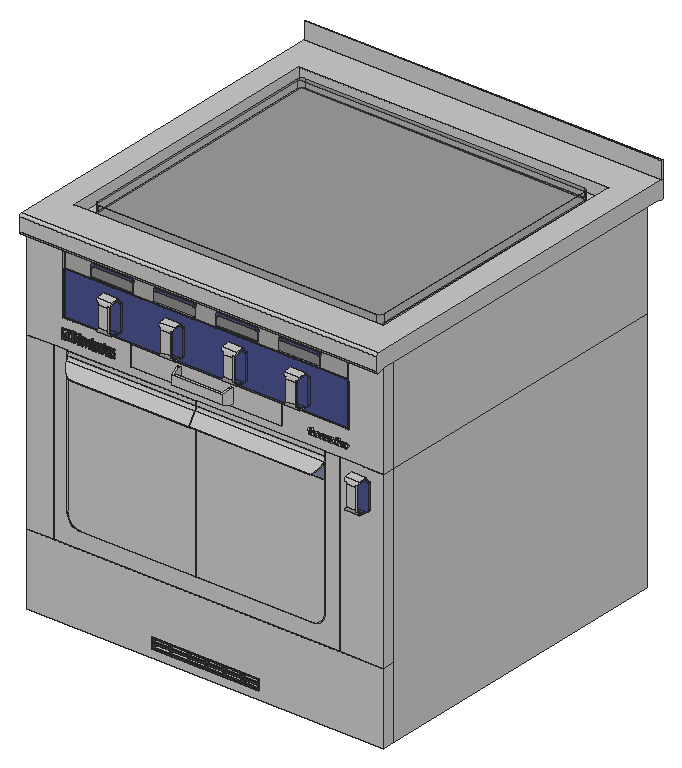
Revit family "QF_ELECTROLUXPROFESSIONAL_588464_MALPFBH4AO", category Attrezzature speciali, Revit 2020
Family settings
  Quota connettore circolare = Usa diametro
  Tipo di parte = Normale
  Basato su piano di lavoro = No
  Sempre verticale = Sì
  Taglio con vuoti quando caricato = No
  Condiviso = No
  Punto di calcolo locali = No
Parameters (values of type "Standard")
  Weight = 143.00 kg
  Watts = 14300 W
  Volts = 400 V
  URL Manufacturer = "https://www.electroluxprofessional.com/"
  URL = "https://www.electroluxprofessional.com/"
  Steam Supply Size = 0"
  Steam Supply Minimum Pressure = 0.00 psi
  Steam Supply Maximum Pressure = 0.00 psi
  Steam Consumption per Hour = 0
  Refrigeration Suction Line Size = 0 mm
  Refrigeration Liquid Line Size = 0 mm
  Refrigerant Compressor Remote = yes
  Prospetto di default = 0 mm
  Phase = 3
  Modello = "MALPFBH4AO"
  Produttore = "Electrolux Professional"
  Length Actual = 800 mm  # constant formula
  Item Number = "588464"
  Hot Water Size = 0"
  Height Actual = 800 mm  # constant formula
  HP = "19.2 HP"
  Gas Size = 0"
  Gas KW = 0
  Gas Input Pressure = 0.0 Btu/h
  Direct Waste Size = 0"
  Descrizione = "EL.SOLID TOP,WARM.CAB.1S,BS,800X800X800H"
  Depth Actual = 800 mm  # constant formula
  Cycle = 50 Hz
  Condensate Return Size = 0"
  Compressed Air Volume = 0 GPM
  Compressed Air Size = 0"
  Compressed Air Pressure = 0.00 psi
  Cold Water Size = 0"
  Accessory = yes
Reference planes
  plane 1 "BACK": y = 0
  plane 2: z = 0
  plane 3 "LEFT": x = 0
  plane 4 "RIGHT": x = 800
  plane 5 "FRONT": y = -800
  plane 6 "TOP": z = 900
  plane 7 "Center (Left/Right)": x = 400
  plane 8: y = -400
  plane 9: z = 100
  plane 10: y = -150
  plane 11 "Panel": y = -755
  plane 12: z = 798
  plane 13: z = 1327
  plane 14: x = 78
  plane 15: x = 722
  plane 16: y = -150
  plane 17: y = -650
  plane 18 "EIx": x = 755
  plane 19 "EIy": y = -585
  plane 20: x = 380
  plane 21 "BASE_TOP": z = 650
  plane 22: x = 60
  plane 23: x = 700
  plane 24: z = 260
  plane 25: z = 938
Forms (mm)
  Extrusion 1, solid, material "QF_Finishes_Stainless Steel"
    sketch origin (-178.969, -4571, 100) x (-1, 0, 0) y (0, -1, 0)
      loop
        line (-178.969, -4526) -> (-178.969, -3816) -> (-978.969, -3816) -> (-978.969, -4526) -> (-178.969, -4526)
    from 550 to 763
  Extrusion 2, solid, material "QF_Finishes_Stainless Steel"
    sketch origin (0, 0, 0) x (0, 1, 0) y (0, 0, 1)
      loop
        line (-755, 100) -> (-755, 260) -> (-780, 260) -> (-780, 100) -> (-755, 100)
    from 0 to 800
  Extrusion 3, solid, material "QF_Finishes_Stainless Steel"
    sketch origin (-588.969, -4562, 100) x (-1, 0, 0) y (0, -1, 0)
      loop
        circle (-1343.969, -3977) r 6.35
    from 0 to -11.851
  Extrusion 4, solid, material "QF_Finishes_Stainless Steel"
    sketch origin (400, 296.4, 1219.2) x (0, 1, 0) y (0, 0, 1)
      loop
        line (-296.4, -319.2) -> (-1091.4, -319.2)
        arc (-1091.4, -319.2) -> (-1094.935, -320.664) -> (-1096.4, -324.2) r 5
        line (-1096.4, -324.2) -> (-1096.4, -355.2)
        arc (-1096.4, -355.2) -> (-1094.971, -358.264) -> (-1091.705, -359.139) r 4
        line (-1091.705, -359.139) -> (-1076.4, -356.231) -> (-316.4, -356.231) -> (-301.094, -359.139)
        arc (-301.094, -359.139) -> (-297.829, -358.264) -> (-296.4, -355.2) r 4
        line (-296.4, -355.2) -> (-296.4, -319.2)
    from -400 to 400
  Extrusion 5, solid, material "QF_Finishes_Electrolux_Black Smoke Iluminated"
    sketch origin (0, 0, 900) x (-1, 0, 0) y (0, -1, 0)
      loop
        arc (-88, 109) -> (-80.929, 111.929) -> (-78, 119) r 10
        line (-78, 119) -> (-78, 680)
        arc (-78, 680) -> (-80.929, 687.071) -> (-88, 690) r 10
        line (-88, 690) -> (-712, 690)
        arc (-712, 690) -> (-719.071, 687.071) -> (-722, 680) r 10
        line (-722, 680) -> (-722, 119)
        arc (-722, 119) -> (-719.071, 111.929) -> (-712, 109) r 10
        line (-712, 109) -> (-88, 109)
    from 0 to -20
  Extrusion 6, solid, material "QF_Finishes_Stainless Steel"
    sketch origin (-178.969, -4571, 100) x (-1, 0, 0) y (0, -1, 0)
      loop
        line (-178.969, -4526) -> (-178.969, -3816) -> (-978.969, -3816) -> (-978.969, -4526) -> (-178.969, -4526)
    from 550 to 0
  Extrusion 7, void
    sketch origin (0, -755, 0) x (-1, 0, 0) y (0, 0, 1)
      loop
        line (-520, 116.594) -> (-280, 116.594) -> (-280, 141.594) -> (-520, 141.594) -> (-520, 116.594)
    from 0 to -25
  Extrusion 8, solid, material "QF_Finishes_Black"
    sketch origin (0, -755, 0) x (-1, 0, 0) y (0, 0, 1)
      loop
        line (-280, 141.594) -> (-520, 141.594) -> (-520, 116.594) -> (-280, 116.594) -> (-280, 141.594)
      loop
        line (-282, 139.594) -> (-319.131, 139.594) -> (-319.131, 130.094) -> (-282, 130.094) -> (-282, 139.594)
      loop
        line (-282, 118.594) -> (-282, 128.094) -> (-319.131, 128.094) -> (-319.131, 118.594) -> (-282, 118.594)
      loop
        line (-321.131, 139.594) -> (-359.066, 139.594) -> (-359.066, 130.094) -> (-321.131, 130.094) -> (-321.131, 139.594)
      loop
        line (-399, 139.594) -> (-399, 130.094) -> (-361.066, 130.094) -> (-361.066, 139.594) -> (-399, 139.594)
      loop
        line (-401, 139.594) -> (-438.934, 139.594) -> (-438.934, 130.094) -> (-401, 130.094) -> (-401, 139.594)
      loop
        line (-359.066, 118.594) -> (-321.131, 118.594) -> (-321.131, 128.094) -> (-359.066, 128.094) -> (-359.066, 118.594)
      loop
        line (-361.066, 118.594) -> (-361.066, 128.094) -> (-399, 128.094) -> (-399, 118.594) -> (-361.066, 118.594)
      loop
        line (-401, 128.094) -> (-438.934, 128.094) -> (-438.934, 118.594) -> (-401, 118.594) -> (-401, 128.094)
      loop
        line (-518, 139.594) -> (-518, 130.094) -> (-480.869, 130.094) -> (-480.869, 139.594) -> (-518, 139.594)
      loop
        line (-518, 118.594) -> (-480.869, 118.594) -> (-480.869, 128.094) -> (-518, 128.094) -> (-518, 118.594)
      loop
        line (-478.869, 139.594) -> (-478.869, 130.094) -> (-440.934, 130.094) -> (-440.934, 139.594) -> (-478.869, 139.594)
      loop
        line (-440.934, 118.594) -> (-440.934, 128.094) -> (-478.869, 128.094) -> (-478.869, 118.594) -> (-440.934, 118.594)
    from -25.03 to -20
  Extrusion 9, void
    sketch origin (0, 0, 900) x (-1, 0, 0) y (0, -1, 0)
      loop
        line (-53, 715) -> (-747, 715) -> (-747, 84) -> (-53, 84) -> (-53, 715)
    from 0 to -25
  Extrusion 10, solid, material "QF_Finishes_Stainless Steel"
    sketch origin (0, 0, 900) x (-1, 0, 0) y (0, -1, 0)
      loop
        line (-82, 113) -> (-82, 686) -> (-718, 686) -> (-718, 113) -> (-82, 113)
    from -20 to -25
  Extrusion 11, solid, material "QF_Finishes_Stainless Steel"
    sketch origin (0, -755, 0) x (-1, 0, 0) y (0, 0, 1)
      loop
        line (0, 260) -> (0, 650) -> (-60, 650) -> (-60, 260) -> (0, 260)
    from 0 to -25.03
  Extrusion 12, solid, material "QF_Finishes_Stainless Steel"
    sketch origin (0, -755, 0) x (-1, 0, 0) y (0, 0, 1)
      loop
        line (-700, 260) -> (-700, 650) -> (-800, 650) -> (-800, 260) -> (-700, 260)
    from 0 to -25.03
  Extrusion 13, solid, material "QF_Finishes_Stainless Steel"
    sketch origin (70, -755, 0) x (-1, 0, 0) y (0, 0, 1)
      loop
        line (10, 260) -> (10, 650) -> (-20, 650) -> (-20, 325)
        arc (-20, 325) -> (-28.787, 303.787) -> (-50, 295) r 30
        line (-50, 295) -> (-570, 295)
        arc (-570, 295) -> (-591.213, 303.787) -> (-600, 325) r 30
        line (-600, 325) -> (-600, 650) -> (-630, 650) -> (-630, 260) -> (10, 260)
    from 0 to -25.03
  Extrusion 14, solid, material "QF_Finishes_Stainless Steel"
    sketch origin (400, 296.4, 1219.2) x (0, 1, 0) y (0, 0, 1)
      loop
        line (-296.4, -281.2) -> (-298.4, -281.2) -> (-298.4, -319.2) -> (-296.4, -319.2) -> (-296.4, -281.2)
    from -400 to 400
Cuts and joins
  Extrusion 7 cuts Extrusion 6
  Extrusion 7 cuts Extrusion 2
  Extrusion 9 cuts Extrusion 4
Lines and regions (mm)
  symbolic lines
    curve 1: line (0, 0, 100) -> (800, 0, 100)
    curve 2: line (0, -800, 100) -> (0, 0, 100)
    curve 3: line (800, -800, 100) -> (0, -800, 100)
    curve 4: line (800, 0, 100) -> (800, -800, 100)
    curve 5: line (712, -109, 100) -> (88, -109, 100)
    curve 6: line (78, -119, 100) -> (78, -680, 100)
    curve 7: line (88, -690, 100) -> (712, -690, 100)
    curve 8: line (722, -680, 100) -> (722, -119, 100)
    curve 9: arc (88, -109, 100) -> (80.929, -111.929, 100) -> (78, -119, 100) r 10
    curve 10: arc (722, -119, 100) -> (719.071, -111.929, 100) -> (712, -109, 100) r 10
    curve 11: arc (712, -690, 100) -> (719.071, -687.071, 100) -> (722, -680, 100) r 10
    curve 12: arc (78, -680, 100) -> (80.929, -687.071, 100) -> (88, -690, 100) r 10
    curve 13: line (747, -84, 900) -> (53, -84, 900)
    curve 14: line (53, -84, 900) -> (53, -715, 900)
    curve 15: line (747, -715, 900) -> (747, -84, 900)
    curve 16: line (53, -715, 900) -> (747, -715, 900)
    curve 33: line (0, -2, 900) -> (800, -2, 900)
  model lines, style "SpecialityEquipment"
    curve 17: arc (584, -161, 900) -> (530.967, -289.033, 900) -> (659, -236, 900) r 75
    curve 18: line (639, -236, 900) -> (679, -236, 900)
    curve 19: line (679, -236, 900) -> (659, -216, 900)
    curve 20: line (639, -236, 900) -> (659, -216, 900)
    curve 21: arc (216, -161, 900) -> (162.967, -289.033, 900) -> (291, -236, 900) r 75
    curve 22: line (271, -236, 900) -> (311, -236, 900)
    curve 23: line (311, -236, 900) -> (291, -216, 900)
    curve 24: line (271, -236, 900) -> (291, -216, 900)
    curve 25: arc (584, -489, 900) -> (530.967, -617.033, 900) -> (659, -564, 900) r 75
    curve 26: line (639, -564, 900) -> (679, -564, 900)
    curve 27: line (679, -564, 900) -> (659, -544, 900)
    curve 28: line (639, -564, 900) -> (659, -544, 900)
    curve 29: arc (216, -489, 900) -> (162.967, -617.033, 900) -> (291, -564, 900) r 75
    curve 30: line (271, -564, 900) -> (311, -564, 900)
    curve 31: line (311, -564, 900) -> (291, -544, 900)
    curve 32: line (271, -564, 900) -> (291, -544, 900)
Dimensions and locks
  plane 3 "LEFT" to plane 4 "RIGHT" = 800 mm
  plane 5 "FRONT" to plane 1 "BACK" = 800 mm
  equal spacing: plane 3 "LEFT", plane 7 "Center (Left/Right)", plane 4 "RIGHT"
  equal spacing: plane 5 "FRONT", plane 8, plane 1 "BACK"
  plane 9 to level = 100 mm
  plane 1 "BACK" to plane 10 to plane 11 "Panel" = 150 mm, 605 mm  (x2)
  plane 6 "TOP" to plane 9 to level = 800 mm, 100 mm
  plane 6 "TOP" to level = 900 mm
  plane 1 "BACK" to plane 5 "FRONT" = 800 mm
  plane 1 "BACK" to Extrusion 3 = 585 mm
  plane 12 to plane 9 = 698 mm
  plane 13 to plane 6 "TOP" = 427 mm
  plane 6 "TOP" to plane 12 = 102 mm
  plane 14 to plane 3 "LEFT" = 78 mm
  plane 15 to plane 4 "RIGHT" = 78 mm
  locked: plane 1 "BACK" to plane 16 at 150
  locked: plane 16 to plane 17 at 500
  plane 11 "Panel" to plane 5 "FRONT" = 45 mm
  plane 18 "EIx" to plane 4 "RIGHT" = 45 mm
  plane 19 "EIy" to plane 1 "BACK" = 585 mm
  plane 7 "Center (Left/Right)" to plane 20 = 20 mm
  locked: plane 22 to plane 3 "LEFT" at 60
  plane 23 to plane 4 "RIGHT" = 100 mm
  plane 6 "TOP" to plane 21 "BASE_TOP" to plane 9 to level = 250 mm, 550 mm, 100 mm
  plane 1 "BACK" to Extrusion 14 sketch curve = 2 mm
  plane 25 to plane 6 "TOP" = 38 mm
  aligned and locked: level to plane 2
  aligned and locked: Extrusion 2 to plane 4 "RIGHT"
  aligned and locked: Extrusion 12 to plane 4 "RIGHT"
  aligned and locked: Extrusion 12 to plane 23
  aligned and locked: plane 21 "BASE_TOP" to Extrusion 12
  aligned and locked: Extrusion 12 to plane 24
  aligned and locked: Extrusion 11 to plane 3 "LEFT"
  aligned and locked: plane 22 to Extrusion 11
  aligned and locked: Extrusion 11 to plane 24
  aligned and locked: Extrusion 13 sketch curve to plane 22
  aligned and locked: Extrusion 13 sketch curve to plane 23
  aligned and locked: Extrusion 13 sketch curve to plane 21 "BASE_TOP"
  aligned and locked: plane 6 "TOP" to Extrusion 14 sketch curve
  aligned and locked: Extrusion 14 sketch curve to plane 25
  aligned and locked: Extrusion 14 to plane 3 "LEFT"
  aligned and locked: Extrusion 14 to plane 4 "RIGHT"
  aligned and locked: plane 24 to cut or joined group of Extrusion 2, Extrusion 7
Automatic sketch dimensions
  Extrusion 1 sketch curve to plane 4 "RIGHT" = 0 mm
  Extrusion 1 sketch curve to plane 3 "LEFT" = 0 mm
  plane 11 "Panel" to Extrusion 1 sketch curve = 0 mm
  plane 1 "BACK" to Extrusion 1 sketch curve = 45 mm
  Extrusion 2 sketch curve to plane 9 = 0 mm
  Extrusion 2 sketch curve to plane 11 "Panel" = 0 mm
  plane 24 to Extrusion 2 sketch curve = 0 mm
  Extrusion 2 sketch curve to plane 5 "FRONT" = 20 mm
  plane 1 "BACK" to curve 1 = 0 mm
  curve 1 to plane 4 "RIGHT" = 0 mm
  curve 8 to plane 15 = 0 mm
  curve 6 to plane 14 = 0 mm
  curve 2 to plane 3 "LEFT" = 0 mm
  plane 5 "FRONT" to curve 3 = 0 mm
  plane 15 to curve 5 = 10 mm
  curve 11 to curve 11 = 10 mm
  curve 5 to plane 14 = 10 mm
  curve 12 to curve 6 = 10 mm
  plane 10 to curve 5 = 41 mm
  plane 17 to curve 11 = 30 mm
  Extrusion 3 sketch curve to plane 18 "EIx" = 0 mm
  Extrusion 3 sketch curve to plane 19 "EIy" = 0 mm
  Extrusion 4 sketch curve to plane 5 "FRONT" = 0 mm
  Extrusion 4 sketch curve to plane 6 "TOP" = 0 mm
  Extrusion 4 sketch curve to plane 1 "BACK" = 0 mm
  Extrusion 4 sketch curve to plane 5 "FRONT" = 4 mm
  Extrusion 4 sketch curve to Extrusion 4 sketch curve = 0.695 mm
  Extrusion 4 sketch curve to plane 5 "FRONT" = 5 mm
  Extrusion 4 sketch curve to Extrusion 4 sketch curve = 15.305 mm
  plane 1 "BACK" to Extrusion 4 sketch curve = 20 mm
  plane 1 "BACK" to Extrusion 4 sketch curve = 4.695 mm
  Extrusion 4 sketch curve to Extrusion 4 sketch curve = 4 mm
  Extrusion 4 sketch curve to Extrusion 4 sketch curve = 31 mm
  Extrusion 4 sketch curve to plane 6 "TOP" = 36 mm
  Extrusion 4 sketch curve to Extrusion 4 sketch curve = 2.909 mm
  Extrusion 5 sketch curve to plane 15 = 0 mm
  Extrusion 5 sketch curve to plane 14 = 0 mm
  plane 15 to Extrusion 5 sketch curve = 10 mm  (x2)
  Extrusion 5 sketch curve to Extrusion 5 sketch curve = 10 mm  (x2)
  plane 10 to Extrusion 5 sketch curve = 41 mm
  plane 17 to Extrusion 5 sketch curve = 30 mm
  Extrusion 6 sketch curve to plane 4 "RIGHT" = 0 mm
  Extrusion 6 sketch curve to plane 3 "LEFT" = 0 mm
  plane 11 "Panel" to Extrusion 6 sketch curve = 0 mm
  plane 1 "BACK" to Extrusion 6 sketch curve = 45 mm
  plane 9 to Extrusion 7 sketch curve = 41.594 mm
  plane 7 "Center (Left/Right)" to Extrusion 7 sketch curve = 120 mm
  Extrusion 7 sketch curve to plane 20 = 100 mm
  plane 9 to Extrusion 7 sketch curve = 16.594 mm
  plane 9 to Extrusion 8 sketch curve = 41.594 mm
  plane 7 "Center (Left/Right)" to Extrusion 8 sketch curve = 120 mm
  Extrusion 8 sketch curve to Extrusion 8 sketch curve = 2 mm  (x16)
  Extrusion 8 sketch curve to Extrusion 8 sketch curve = 0 mm  (x15)
  Extrusion 8 sketch curve to Extrusion 8 sketch curve = 37.131 mm  (x2)
  Extrusion 8 sketch curve to Extrusion 8 sketch curve = 37.934 mm  (x2)
  plane 7 "Center (Left/Right)" to Extrusion 8 sketch curve = 1 mm  (x2)
  Extrusion 8 sketch curve to plane 7 "Center (Left/Right)" = 1 mm  (x2)
  Extrusion 8 sketch curve to plane 20 = 18.934 mm
  plane 9 to Extrusion 8 sketch curve = 18.594 mm  (x4)
  Extrusion 8 sketch curve to Extrusion 8 sketch curve = 9.5 mm  (x6)
  plane 18 "EIx" to Extrusion 9 sketch curve = 8 mm
  Extrusion 9 sketch curve to plane 22 = 7 mm
  plane 10 to Extrusion 9 sketch curve = 66 mm
  plane 11 "Panel" to Extrusion 9 sketch curve = 40 mm
  plane 15 to Extrusion 10 sketch curve = 4 mm
  Extrusion 10 sketch curve to plane 14 = 4 mm
  plane 10 to Extrusion 10 sketch curve = 37 mm
  plane 17 to Extrusion 10 sketch curve = 36 mm
  plane 18 "EIx" to curve 16 = 8 mm
  curve 19 to plane 23 = 21 mm
  curve 27 to plane 23 = 21 mm
  curve 26 to curve 27 = 20 mm
  curve 18 to curve 20 = 20 mm
  curve 19 to curve 20 = 20 mm
  curve 27 to curve 26 = 20 mm
  curve 18 to curve 17 = 55 mm
  curve 26 to curve 25 = 55 mm
  curve 31 to plane 20 = 69 mm
  curve 23 to plane 20 = 69 mm
  curve 22 to curve 24 = 20 mm
  curve 30 to curve 31 = 20 mm
  curve 31 to curve 32 = 20 mm
  curve 23 to curve 24 = 20 mm
  curve 22 to curve 21 = 55 mm
  curve 30 to curve 29 = 55 mm
  curve 14 to plane 22 = 7 mm
  curve 22 to plane 10 = 86 mm
  curve 18 to plane 10 = 86 mm
  plane 10 to curve 13 = 66 mm
  plane 11 "Panel" to curve 15 = 40 mm
  curve 25 to curve 26 = 20 mm
  curve 17 to curve 18 = 20 mm
  curve 29 to curve 30 = 20 mm
  curve 21 to curve 22 = 20 mm
  Extrusion 11 sketch curve to plane 22 = 0 mm
  Extrusion 11 sketch curve to plane 3 "LEFT" = 0 mm
  Extrusion 11 sketch curve to plane 24 = 0 mm
  Extrusion 11 sketch curve to plane 21 "BASE_TOP" = 0 mm
  plane 4 "RIGHT" to Extrusion 12 sketch curve = 0 mm
  Extrusion 12 sketch curve to plane 21 "BASE_TOP" = 0 mm
  Extrusion 12 sketch curve to plane 23 = 0 mm
  Extrusion 12 sketch curve to plane 24 = 0 mm
  Extrusion 13 sketch curve to plane 21 "BASE_TOP" = 0 mm
  Extrusion 13 sketch curve to plane 24 = 0 mm
  Extrusion 13 sketch curve to plane 23 = 30 mm
  Extrusion 13 sketch curve to Extrusion 13 sketch curve = 30 mm
  Extrusion 13 sketch curve to plane 14 = 42 mm
  Extrusion 13 sketch curve to plane 14 = 12 mm
  plane 24 to Extrusion 13 sketch curve = 35 mm
  Extrusion 14 sketch curve to plane 1 "BACK" = 0 mm
  plane 19 "EIy" to curve 31 = 21 mm
  plane 19 "EIy" to curve 27 = 41 mm
  radius of Extrusion 3 sketch curve = 6.35 mm
Nested families
  nested 1: "FIT Range Control Handle" at (745, -783.167, -372.751), type "FIT Range Control Handle"
  nested 2: "Front_Panel_W800_Four Knobs" at (202.376, -755, 0), type "Front_Panel_W800_Four Knobs"
  nested 3: "H450H2_2DOOR" at (343.958, -755, 200) x (1, 0, 0) z (0, -1, 0), type "H450H2_2DOOR"
    with Width 580 mm, Wdoor 290 mm, Show Clearance yes
  nested 4: "Warm" at (800, -800, 900), type "Warm"
Connectors
  electrical at (755, -585, 88.149)
    settings: on Extrusion 3, index 1, voltage 400 V, apparent load 33000 VA, apparent load phase1 0 VA, apparent load phase2 0 VA, apparent load phase3 0 VA, power factor 1, load classification "Other", number of poles 1, system type 30, power factor state 1, is connector primary yes, connector utility no, sub classification motor no, connector description "ELECTRICAL CONNECTION"
Definition of nested family "FIT Range Control Handle"
  Parameters
    Default Elevation = 0 mm
  Reference planes
    plane 1 "Center (Front/Back)": y = 0
    plane 2: z = 0
    plane 3 "Center (Left/Right)": x = 0
    plane 4: z = 971.092
    plane 5: y = -16.8
  Forms (mm)
    Extrusion 1, solid
      sketch origin (-746.28, 380.497, 208.931) x (-1, 0, 0) y (0, 0, 1)
        loop
          line (-770.101, 786.798) -> (-770.101, 731.649)
          arc (-770.101, 731.649) -> (-769.759, 730.563) -> (-768.855, 729.87) r 1.893
          line (-768.855, 729.87) -> (-763.474, 727.911) -> (-729.81, 727.911) -> (-724.428, 729.87)
          arc (-724.428, 729.87) -> (-723.525, 730.563) -> (-723.183, 731.649) r 1.893
          line (-723.183, 731.649) -> (-723.183, 786.798)
          arc (-723.183, 786.798) -> (-723.529, 787.894) -> (-724.44, 788.593) r 1.91
          line (-724.44, 788.593) -> (-729.683, 790.819) -> (-763.601, 790.819) -> (-768.844, 788.593)
          arc (-768.844, 788.593) -> (-769.755, 787.894) -> (-770.101, 786.798) r 1.91
      from -382.35 to -378.852
    Sweep 2, solid
      path origin (-746.788, 380.496, 208.091) x (0, -1, 0) y (0, 0, 1)
        loop
          line (379.775, 793.281) -> (395.661, 791.048)
          arc (395.661, 791.048) -> (397.781, 787.377) -> (398.517, 783.202) r 12.207
          line (398.517, 783.202) -> (398.517, 737.368)
          arc (398.517, 737.368) -> (397.781, 733.193) -> (395.661, 729.522) r 12.207
          line (395.661, 729.522) -> (379.775, 727.289)
      profile origin (-746.788, -7.222, 1000.256) x (0, -0.139173, 0.990268) y (-1, 0, 0)
        loop
          line (0.782, -763.123) -> (0.782, -730.907) -> (-1.322, -730.907) -> (-1.322, -763.123) -> (0.782, -763.123)
    Sweep 3, solid
      path origin (-746.788, 380.715, 207.832) x (0, -1, 0) y (0, 0, 1)
        loop
          line (380.478, 795.442) -> (397.218, 793.09)
          arc (397.218, 793.09) -> (399.929, 788.473) -> (400.871, 783.202) r 15.207
          line (400.871, 783.202) -> (400.871, 737.584)
          arc (400.871, 737.584) -> (399.914, 732.274) -> (397.164, 727.633) r 15.207
          line (397.164, 727.633) -> (380.601, 725.305)
      profile origin (-746.788, -8.132, 1002.099) x (0, -0.139173, 0.990268) y (-1, 0, 0)
        loop
          line (0.782, -763.123) -> (0.782, -730.907) -> (-1.322, -730.907) -> (-1.322, -763.123) -> (0.782, -763.123)
    Extrusion 4, void
      sketch origin (889.253, 220.666, 207.993) x (1, 0, 0) y (0, 0, 1)
        loop
          line (-943.038, 816.854) -> (-943.038, 703.686) -> (-899.466, 734.196) -> (-899.466, 786.344) -> (-943.038, 816.854)
      from 230.636 to 242.25
    Extrusion 5, void
      sketch origin (-888.8, 220.666, 207.993) x (-1, 0, 0) y (0, 0, -1)
        loop
          line (-943.038, -816.854) -> (-899.466, -786.344) -> (-899.466, -734.196) -> (-943.038, -703.686) -> (-943.038, -816.854)
      from 230.636 to 242.25
    Extrusion 6, solid
      sketch origin (0, 0, 0) x (1, 0, 0) y (0, 0, 1)
        loop
          circle (0, 971.092) r 7.736
      from -3.137 to -1.645
  Cuts and joins
    Extrusion 4, Extrusion 5 cuts Sweep 3
    Extrusion 4, Extrusion 5 cuts Sweep 2
    joined: Extrusion 1, Extrusion 6
  Lines and regions (mm)
    symbolic lines
      curve 1: line (-15.881, -19.189, 0) -> (-15.881, -16.8, 0)
      curve 2: line (16.334, -19.189, 0) -> (16.334, -16.8, 0)
      curve 3: spline (-15.881, -19.189, 0) -> (-15.417, -19.349, 0) -> (-14.951, -19.501, 0) -> (-14.483, -19.646, 0) -> (-14.014, -19.783, 0) -> (-13.543, -19.912, 0) -> (-13.071, -20.033, 0) -> (-12.597, -20.146, 0) -> (-12.122, -20.251, 0) -> (-11.646, -20.349, 0) -> (-11.169, -20.438, 0) -> (-10.691, -20.52, 0) -> (-10.213, -20.593, 0)
      curve 4: spline (10.666, -20.593, 0) -> (11.144, -20.52, 0) -> (11.622, -20.438, 0) -> (12.099, -20.349, 0) -> (12.575, -20.251, 0) -> (13.05, -20.146, 0) -> (13.524, -20.033, 0) -> (13.996, -19.912, 0) -> (14.467, -19.783, 0) -> (14.936, -19.646, 0) -> (15.404, -19.501, 0) -> (15.87, -19.349, 0) -> (16.334, -19.189, 0)
      curve 5: line (-10.213, -20.938, 0) -> (10.716, -20.938, 0)
  Dimensions and locks
    cut or joined group of Sweep 3, Extrusion 4, Extrusion 5 to cut or joined group of Sweep 3, Extrusion 4, Extrusion 5 = 71.686 mm
Definition of nested family "Front_Panel_W800_Four Knobs"
  Parameters
    Default Elevation = 0 mm
  Reference planes
    plane 1 "Center (Front/Back)": y = 0
    plane 2: z = 0
    plane 3 "Center (Left/Right)": x = 197.624
    plane 4 "Left": x = -202.376
    plane 5 "Right": x = 597.624
    plane 6: y = -45
    plane 7: x = -12.376
    plane 8: x = 127.624
    plane 9: y = -310
    plane 10: y = -25
    plane 11: x = 517.624
    plane 12: x = -122.376
  Forms (mm)
    Extrusion 1, solid
      sketch origin (833.217, 829.203, -1.25) x (0, 1, 0) y (0, 0, 1)
        loop
          line (-854.203, 651.25) -> (-829.203, 651.25) -> (-829.203, 864.25) -> (-854.203, 864.25) -> (-854.203, 651.25)
      from -1035.593 to -235.593
    Extrusion 2, void
      sketch origin (0, 0, 0) x (1, 0, 0) y (0, 0, 1)
        loop
          line (-122.376, 853.866) -> (-122.376, 711.866) -> (517.624, 711.866) -> (517.624, 853.866) -> (-122.376, 853.866)
      from 19.387 to 33.951
    Extrusion 3, void
      sketch origin (0, 0, 0) x (1, 0, 0) y (0, 0, 1)
        loop
          line (30.124, 711.866) -> (30.124, 666.866) -> (370.124, 666.866) -> (370.124, 711.866) -> (30.124, 711.866)
      from 19.387 to 25
    Extrusion 4, solid
      sketch origin (0, 0, 0) x (1, 0, 0) y (0, 0, 1)
        loop
          line (31.124, 710.866) -> (31.124, 667.866) -> (369.124, 667.866) -> (369.124, 710.866) -> (31.124, 710.866)
      from 19.387 to 25
    Extrusion 5, solid
      sketch origin (0, 0, 0) x (1, 0, 0) y (0, 1, 0)
        loop
          line (141.059, -25) -> (135.966, -25) -> (140.646, -49.075) -> (254.603, -49.075) -> (259.283, -25) -> (254.189, -25) -> (250.481, -44.075) -> (144.767, -44.075) -> (141.059, -25)
      from 672.593 to 705.67
    Extrusion 6, void
      sketch origin (197.624, 0, 0) x (0, 1, 0) y (0, 0, 1)
        loop
          line (-30, 705.67) -> (-30, 710.67) -> (-56.744, 710.67) -> (-56.744, 667.593) -> (-30, 667.593) -> (-30, 672.593) -> (-53.776, 680.318) -> (-53.776, 697.945) -> (-30, 705.67)
      from -70 to 70
    Extrusion 7, solid, detail levels coarse
      sketch origin (0, -265, 0) x (1, 0, 0) y (0, 1, 0)
        loop
          line (140.646, -69.075) -> (254.603, -69.075) -> (259.283, -45) -> (364.124, -45) -> (364.124, 240) -> (31.124, 240) -> (31.124, -45) -> (135.966, -45) -> (140.646, -69.075)
      from 672.593 to 705.67
    Extrusion 8, void
      sketch origin (197.624, -280, 0) x (0, 1, 0) y (0, 0, 1)
        loop
          line (-30, 705.67) -> (-30, 710.67) -> (-56.744, 710.67) -> (-56.744, 667.593) -> (-30, 667.593) -> (-30, 672.593) -> (-53.776, 680.318) -> (-53.776, 697.945) -> (-30, 705.67)
      from -70 to 70
  Cuts and joins
    Extrusion 2, Extrusion 3 cuts Extrusion 1
    Extrusion 6, Extrusion 8 cuts Extrusion 5
    Extrusion 8 cuts Extrusion 7
  Lines and regions (mm)
    symbolic lines
      curve 1: line (31.124, -45, 0) -> (31.124, -310, 0)
      curve 2: line (31.124, -310, 0) -> (364.124, -310, 0)
      curve 3: line (135.966, -310, 0) -> (140.646, -334.075, 0)
      curve 4: line (140.646, -334.075, 0) -> (254.603, -334.075, 0)
      curve 5: line (254.603, -334.075, 0) -> (259.283, -310, 0)
      curve 6: line (364.124, -310, 0) -> (364.124, -45, 0)
      curve 7: line (31.124, -300, 0) -> (364.124, -300, 0)
      curve 8: line (140.874, -309.046, 0) -> (144.767, -329.075, 0)
      curve 9: line (144.767, -329.075, 0) -> (250.481, -329.075, 0)
      curve 10: line (250.481, -329.075, 0) -> (254.375, -309.046, 0)
  Dimensions and locks
    equal spacing: plane 5 "Right", plane 3 "Center (Left/Right)", plane 4 "Left"
    plane 5 "Right" to plane 4 "Left" = 800 mm
    plane 3 "Center (Left/Right)" to plane 7 = 210 mm
    plane 3 "Center (Left/Right)" to plane 8 = 70 mm
    plane 6 to plane 9 = 265 mm
    aligned and locked: cut or joined group of Extrusion 1, Extrusion 2, Extrusion 3 to plane 4 "Left"
    aligned and locked: plane 5 "Right" to cut or joined group of Extrusion 1, Extrusion 2, Extrusion 3
    aligned and locked: plane 3 "Center (Left/Right)" to nested 2
    aligned and locked: cut or joined group of Extrusion 1, Extrusion 2, Extrusion 3 to nested 2
  Automatic sketch dimensions
    plane 7 to Extrusion 3 sketch curve = 42.5 mm
    plane 3 "Center (Left/Right)" to Extrusion 3 sketch curve = 172.5 mm
    level to Extrusion 3 sketch curve = 666.866 mm
    Extrusion 3 sketch curve to Extrusion 3 sketch curve = 45 mm
    plane 7 to Extrusion 4 sketch curve = 43.5 mm
    plane 3 "Center (Left/Right)" to Extrusion 4 sketch curve = 171.5 mm
    level to Extrusion 4 sketch curve = 667.866 mm
    Extrusion 4 sketch curve to Extrusion 4 sketch curve = 43 mm
    plane 8 to Extrusion 5 sketch curve = 8.342 mm
    plane 6 to Extrusion 5 sketch curve = 4.075 mm
    plane 8 to Extrusion 5 sketch curve = 13.021 mm
    Extrusion 5 sketch curve to Extrusion 5 sketch curve = 5.094 mm  (x2)
    Extrusion 5 sketch curve to plane 6 = 0.925 mm
    Extrusion 5 sketch curve to Extrusion 5 sketch curve = 4.122 mm  (x2)
    plane 3 "Center (Left/Right)" to Extrusion 5 sketch curve = 52.857 mm
    Extrusion 5 sketch curve to plane 6 = 20 mm  (x2)
    Extrusion 5 sketch curve to Extrusion 5 sketch curve = 3.708 mm
    plane 6 to Extrusion 6 sketch curve = 11.744 mm
    plane 6 to Extrusion 6 sketch curve = 8.776 mm
    Extrusion 6 sketch curve to plane 6 = 15 mm  (x2)
    level to Extrusion 6 sketch curve = 667.593 mm
    Extrusion 6 sketch curve to Extrusion 6 sketch curve = 5 mm
    Extrusion 6 sketch curve to Extrusion 6 sketch curve = 12.725 mm  (x2)
    Extrusion 6 sketch curve to Extrusion 6 sketch curve = 17.627 mm
    Extrusion 6 sketch curve to Extrusion 6 sketch curve = 7.725 mm
    Extrusion 8 sketch curve to plane 9 = 26.744 mm
    Extrusion 8 sketch curve to plane 9 = 23.776 mm
    plane 9 to Extrusion 8 sketch curve = 0 mm  (x2)
    level to Extrusion 8 sketch curve = 667.593 mm
    Extrusion 8 sketch curve to Extrusion 8 sketch curve = 5 mm
    Extrusion 8 sketch curve to Extrusion 8 sketch curve = 12.725 mm  (x2)
    Extrusion 8 sketch curve to Extrusion 8 sketch curve = 17.627 mm
    Extrusion 8 sketch curve to Extrusion 8 sketch curve = 7.725 mm
    plane 9 to Extrusion 7 sketch curve = 0 mm  (x2)
    plane 7 to Extrusion 7 sketch curve = 43.5 mm
    plane 8 to Extrusion 7 sketch curve = 8.342 mm
    Extrusion 7 sketch curve to plane 9 = 24.075 mm
    plane 8 to Extrusion 7 sketch curve = 13.021 mm
    Extrusion 7 sketch curve to Extrusion 7 sketch curve = 104.842 mm
    Extrusion 7 sketch curve to plane 6 = 20 mm
    plane 3 "Center (Left/Right)" to Extrusion 7 sketch curve = 56.979 mm
    Extrusion 7 sketch curve to Extrusion 7 sketch curve = 4.68 mm
    Extrusion 1 sketch curve to plane 1 "Center (Front/Back)" = 0 mm
    level to Extrusion 1 sketch curve = 650 mm
    plane 4 "Left" to Extrusion 2 sketch curve = 80 mm
    Extrusion 2 sketch curve to plane 5 "Right" = 80 mm
    level to Extrusion 2 sketch curve = 711.866 mm
    Extrusion 2 sketch curve to Extrusion 2 sketch curve = 142 mm
    plane 6 to curve 1 = 0 mm
    plane 6 to curve 6 = 0 mm
    plane 9 to curve 1 = 0 mm
    plane 7 to curve 1 = 43.5 mm
    curve 4 to plane 9 = 24.075 mm
    plane 8 to curve 4 = 13.021 mm
    curve 3 to curve 8 = 4.122 mm
    plane 3 "Center (Left/Right)" to curve 4 = 56.979 mm
    curve 4 to curve 2 = 109.521 mm
    plane 8 to curve 3 = 8.342 mm
    curve 3 to curve 8 = 4.908 mm
    curve 9 to curve 4 = 4.122 mm
    curve 10 to plane 9 = 19.075 mm
    curve 9 to curve 5 = 8.801 mm
    plane 9 to curve 10 = 0.954 mm
    curve 10 to curve 5 = 4.908 mm
    curve 3 to curve 8 = 0.954 mm
    curve 1 to curve 7 = 10 mm
    Extrusion 1 sketch curve to plane 6 = 20 mm
    Extrusion 1 sketch curve to Extrusion 1 sketch curve = 213 mm
  Nested families
    nested 1: "Range Control Handle" at (-12.376, -28.137, -209.113) x (-1, 0, 0) z (0, 0, 1), type "Range Control Handle"
    nested 2: "Front glass control panel W800" at (197.624, 280.644, 2.752), type "Front glass control panel W800"
    nested 3: "Range Control Handle" at (127.624, -28.137, -209.113) x (-1, 0, 0) z (0, 0, 1), type "Range Control Handle"
    nested 4: "Range Control Handle" at (407.624, -28.137, -209.113), type "Range Control Handle"
    nested 5: "Range Control Handle" at (267.624, -28.137, -209.113), type "Range Control Handle"
    nested 6: "ELX_ThermaLine_Small" at (468.838, -25, 679.426) x (1, 0, 0) z (0, -1, 0), type "ELX_ThermaLine_Small"
      with Show Logo yes, Material_Logo none
    nested 7: "ELX_Professional_Logo_Small" at (-62.89, -25, 681.659) x (1, 0, 0) z (0, -1, 0), type "ELX_Professional_Logo_Small"
      with Show Logo yes, Material_Logo none
  Definition of nested family "Range Control Handle"
    Parameters
      Default Elevation = 0 mm
    Reference planes
      plane 1 "Center (Front/Back)": y = 0
      plane 2: z = 0
      plane 3 "Center (Left/Right)": x = 0
      plane 4: z = 971.092
      plane 5: y = -16.9
    Forms (mm)
      Extrusion 1, solid
        sketch origin (-746.28, 380.497, 208.931) x (-1, 0, 0) y (0, 0, 1)
          loop
            line (-770.101, 786.798) -> (-770.101, 731.649)
            arc (-770.101, 731.649) -> (-769.759, 730.563) -> (-768.855, 729.87) r 1.893
            line (-768.855, 729.87) -> (-763.474, 727.911) -> (-729.81, 727.911) -> (-724.428, 729.87)
            arc (-724.428, 729.87) -> (-723.525, 730.563) -> (-723.183, 731.649) r 1.893
            line (-723.183, 731.649) -> (-723.183, 786.798)
            arc (-723.183, 786.798) -> (-723.529, 787.894) -> (-724.44, 788.593) r 1.91
            line (-724.44, 788.593) -> (-729.683, 790.819) -> (-763.601, 790.819) -> (-768.844, 788.593)
            arc (-768.844, 788.593) -> (-769.755, 787.894) -> (-770.101, 786.798) r 1.91
        from -382.35 to -378.852
      Sweep 2, solid
        path origin (-746.788, 380.496, 208.091) x (0, -1, 0) y (0, 0, 1)
          loop
            line (379.775, 793.281) -> (395.661, 791.048)
            arc (395.661, 791.048) -> (397.781, 787.377) -> (398.517, 783.202) r 12.207
            line (398.517, 783.202) -> (398.517, 737.368)
            arc (398.517, 737.368) -> (397.781, 733.193) -> (395.661, 729.522) r 12.207
            line (395.661, 729.522) -> (379.775, 727.289)
        profile origin (-746.788, -7.222, 1000.256) x (0, -0.139173, 0.990268) y (-1, 0, 0)
          loop
            line (0.782, -763.123) -> (0.782, -730.907) -> (-1.322, -730.907) -> (-1.322, -763.123) -> (0.782, -763.123)
      Sweep 3, solid
        path origin (-746.788, 380.715, 207.832) x (0, -1, 0) y (0, 0, 1)
          loop
            line (380.478, 795.442) -> (397.218, 793.09)
            arc (397.218, 793.09) -> (399.929, 788.473) -> (400.871, 783.202) r 15.207
            line (400.871, 783.202) -> (400.871, 737.584)
            arc (400.871, 737.584) -> (399.914, 732.274) -> (397.164, 727.633) r 15.207
            line (397.164, 727.633) -> (380.601, 725.305)
        profile origin (-746.788, -8.132, 1002.099) x (0, -0.139173, 0.990268) y (-1, 0, 0)
          loop
            line (0.782, -763.123) -> (0.782, -730.907) -> (-1.322, -730.907) -> (-1.322, -763.123) -> (0.782, -763.123)
      Extrusion 4, void
        sketch origin (889.253, 220.666, 207.993) x (1, 0, 0) y (0, 0, 1)
          loop
            line (-943.038, 816.854) -> (-943.038, 703.686) -> (-899.466, 734.196) -> (-899.466, 786.344) -> (-943.038, 816.854)
        from 230.636 to 242.25
      Extrusion 5, void
        sketch origin (-888.8, 220.666, 207.993) x (-1, 0, 0) y (0, 0, -1)
          loop
            line (-943.038, -816.854) -> (-899.466, -786.344) -> (-899.466, -734.196) -> (-943.038, -703.686) -> (-943.038, -816.854)
        from 230.636 to 242.25
      Extrusion 6, solid
        sketch origin (0, 0, 0) x (1, 0, 0) y (0, 0, 1)
          loop
            circle (0, 971.092) r 7.736
        from -3.137 to -1.645
    Cuts and joins
      Extrusion 4, Extrusion 5 cuts Sweep 3
      Extrusion 4, Extrusion 5 cuts Sweep 2
      joined: Extrusion 1, Extrusion 6
    Lines and regions (mm)
      symbolic lines
        curve 1: line (16.334, -16.9, 0) -> (16.334, -19.227, 0)
        curve 2: spline (16.334, -19.227, 0) -> (15.87, -19.385, 0) -> (15.404, -19.536, 0) -> (14.936, -19.678, 0) -> (14.466, -19.813, 0) -> (13.995, -19.94, 0) -> (13.523, -20.059, 0) -> (13.049, -20.171, 0) -> (12.575, -20.274, 0) -> (12.099, -20.37, 0) -> (11.622, -20.458, 0) -> (11.144, -20.537, 0) -> (10.666, -20.609, 0)
        curve 3: line (10.666, -16.9, 0) -> (10.666, -20.938, 0)
        curve 4: line (-10.213, -20.938, 0) -> (10.666, -20.938, 0)
        curve 5: line (-10.213, -20.938, 0) -> (-10.213, -16.9, 0)
        curve 6: spline (-10.213, -20.609, 0) -> (-10.691, -20.537, 0) -> (-11.169, -20.458, 0) -> (-11.646, -20.37, 0) -> (-12.122, -20.274, 0) -> (-12.597, -20.171, 0) -> (-13.07, -20.059, 0) -> (-13.542, -19.94, 0) -> (-14.013, -19.813, 0) -> (-14.483, -19.678, 0) -> (-14.951, -19.536, 0) -> (-15.417, -19.385, 0) -> (-15.881, -19.227, 0)
        curve 7: line (-15.881, -19.227, 0) -> (-15.881, -16.9, 0)
  Definition of nested family "Front glass control panel W800"
    Parameters
      Default Elevation = 0 mm
    Reference planes
      plane 1 "Center (Front/Back)": y = 0
      plane 2: z = 0
      plane 3 "Center (Left/Right)": x = 0
    Forms (mm)
      Extrusion 1, solid
        sketch origin (378.286, 0, 0.617) x (1, 0, 0) y (0, 0, 1)
          loop
            line (-698.286, 806.791) -> (-698.286, 708.497) -> (-58.286, 708.497) -> (-58.286, 806.791) -> (-698.286, 806.791)
        from 300.031 to 304.8
      Extrusion 2, solid
        sketch origin (378.286, 0, 0.617) x (1, 0, 0) y (0, 0, 1)
          loop
            line (-698.286, 850.497) -> (-698.286, 806.791) -> (-58.286, 806.791) -> (-58.286, 850.497) -> (-698.286, 850.497)
        from 300.031 to 304.8
      Extrusion 3, void
        sketch origin (378.286, 0, 0.617) x (1, 0, 0) y (0, 0, 1)
          loop
            line (-695.628, 847.565) -> (-695.628, 710.699) -> (-61.196, 710.699) -> (-61.196, 847.565) -> (-695.628, 847.565)
        from 303.697 to 304.8
      Extrusion 4, solid
        sketch origin (-378.333, 1.101, -0.633) x (-1, 0, 0) y (0, 0, -1)
          loop
            line (-261.431, -812.62) -> (-355.186, -812.62) -> (-355.186, -834.177) -> (-350.269, -834.177) -> (-348.469, -835.977) -> (-268.039, -835.977) -> (-266.24, -834.177) -> (-261.431, -834.177) -> (-261.431, -812.62)
        from 304.798 to 306.745
      Extrusion 5, solid
        sketch origin (-378.333, 1.101, -0.633) x (-1, 0, 0) y (0, 0, -1)
          loop
            line (-350.269, -834.177) -> (-355.078, -834.177)
            arc (-355.078, -834.177) -> (-353.942, -838.747) -> (-349.686, -840.763) r 5.5
            line (-349.686, -840.763) -> (-266.98, -840.763)
            arc (-266.98, -840.763) -> (-262.706, -838.752) -> (-261.529, -834.177) r 5.549
            line (-261.529, -834.177) -> (-266.24, -834.177) -> (-268.039, -835.977) -> (-348.469, -835.977) -> (-350.269, -834.177)
        from 304.798 to 306.745
      Extrusion 6, solid
        sketch origin (-518.333, 1.101, -0.633) x (-1, 0, 0) y (0, 0, -1)
          loop
            line (-261.431, -812.62) -> (-355.186, -812.62) -> (-355.186, -834.177) -> (-350.269, -834.177) -> (-348.469, -835.977) -> (-268.039, -835.977) -> (-266.24, -834.177) -> (-261.431, -834.177) -> (-261.431, -812.62)
        from 304.798 to 306.745
      Extrusion 7, solid
        sketch origin (-518.333, 1.101, -0.633) x (-1, 0, 0) y (0, 0, -1)
          loop
            line (-350.269, -834.177) -> (-355.078, -834.177)
            arc (-355.078, -834.177) -> (-353.942, -838.747) -> (-349.686, -840.763) r 5.5
            line (-349.686, -840.763) -> (-266.98, -840.763)
            arc (-266.98, -840.763) -> (-262.706, -838.752) -> (-261.529, -834.177) r 5.549
            line (-261.529, -834.177) -> (-266.24, -834.177) -> (-268.039, -835.977) -> (-348.469, -835.977) -> (-350.269, -834.177)
        from 304.798 to 306.745
      Extrusion 8, solid
        sketch origin (378.333, 1.101, -0.633) x (1, 0, 0) y (0, 0, 1)
          loop
            line (-261.431, 812.62) -> (-261.431, 834.177) -> (-266.24, 834.177) -> (-268.039, 835.977) -> (-348.469, 835.977) -> (-350.269, 834.177) -> (-355.186, 834.177) -> (-355.186, 812.62) -> (-261.431, 812.62)
        from 304.798 to 306.745
      Extrusion 9, solid
        sketch origin (378.333, 1.101, -0.633) x (1, 0, 0) y (0, 0, 1)
          loop
            line (-350.269, 834.177) -> (-348.469, 835.977) -> (-268.039, 835.977) -> (-266.24, 834.177) -> (-261.529, 834.177)
            arc (-261.529, 834.177) -> (-262.706, 838.752) -> (-266.98, 840.763) r 5.549
            line (-266.98, 840.763) -> (-349.686, 840.763)
            arc (-349.686, 840.763) -> (-353.942, 838.747) -> (-355.078, 834.177) r 5.5
            line (-355.078, 834.177) -> (-350.269, 834.177)
        from 304.798 to 306.745
      Extrusion 10, solid
        sketch origin (518.333, 1.101, -0.633) x (1, 0, 0) y (0, 0, 1)
          loop
            line (-261.431, 812.62) -> (-261.431, 834.177) -> (-266.24, 834.177) -> (-268.039, 835.977) -> (-348.469, 835.977) -> (-350.269, 834.177) -> (-355.186, 834.177) -> (-355.186, 812.62) -> (-261.431, 812.62)
        from 304.798 to 306.745
      Extrusion 11, solid
        sketch origin (518.333, 1.101, -0.633) x (1, 0, 0) y (0, 0, 1)
          loop
            line (-350.269, 834.177) -> (-348.469, 835.977) -> (-268.039, 835.977) -> (-266.24, 834.177) -> (-261.529, 834.177)
            arc (-261.529, 834.177) -> (-262.706, 838.752) -> (-266.98, 840.763) r 5.549
            line (-266.98, 840.763) -> (-349.686, 840.763)
            arc (-349.686, 840.763) -> (-353.942, 838.747) -> (-355.078, 834.177) r 5.5
            line (-355.078, 834.177) -> (-350.269, 834.177)
        from 304.798 to 306.745
    Cuts and joins
      Extrusion 3 cuts Extrusion 1
      Extrusion 3 cuts Extrusion 2
    Dimensions and locks
      aligned and locked: Extrusion 1 to Extrusion 2
      aligned and locked: Extrusion 5 sketch curve to Extrusion 4  (x5)
      aligned and locked: Extrusion 5 to Extrusion 4
      aligned and locked: Extrusion 7 sketch curve to Extrusion 6  (x5)
      aligned and locked: Extrusion 7 to Extrusion 6
      aligned and locked: Extrusion 9 sketch curve to Extrusion 8  (x4)
      aligned and locked: Extrusion 8 to Extrusion 9 sketch curve
      aligned and locked: Extrusion 9 to Extrusion 8
      aligned and locked: Extrusion 11 sketch curve to Extrusion 10  (x4)
      aligned and locked: Extrusion 10 to Extrusion 11 sketch curve
      aligned and locked: Extrusion 11 to Extrusion 10
  Definition of nested family "ELX_ThermaLine_Small"
    Parameters
      Show Logo [instance] = yes
      Material_Logo [instance] = none
      Default Elevation = 0 mm
    Reference planes
      plane 1 "Centro (Fronte/Retro)": y = 0
      plane 2: z = 0
      plane 3 "Centro (Sinistra/Destra)": x = 0
    Forms (mm)
      Extrusion 1, solid
        sketch origin (0, 0, 0) x (1, 0, 0) y (0, 1, 0)
          loop
            line (-1219.2, 1219.2) -> (-1219.2, -1219.2) -> (1219.2, -1219.2) -> (1219.2, 1219.2) -> (-1219.2, 1219.2)
        from 0 to -304.8
      Extrusion 2, solid
        sketch origin (0, 0, 0) x (1, 0, 0) y (0, 1, 0)
          loop
            line (-37.494, 1.229) -> (-35.908, 1.229) -> (-35.908, 3.066) -> (-37.494, 3.066) -> (-37.494, 6.221) -> (-39.867, 4.881) -> (-39.867, 3.066) -> (-40.969, 3.066) -> (-40.969, 1.229) -> (-39.867, 1.229) -> (-39.867, -3.407)
            arc (-39.867, -3.407) -> (-38.982, -5.513) -> (-36.751, -6.001) r 2.478
            line (-36.751, -6.001) -> (-35.638, -5.7) -> (-35.9, -3.835) -> (-36.661, -4.039)
            arc (-36.661, -4.039) -> (-37.236, -3.924) -> (-37.494, -3.399) r 0.662
            line (-37.494, -3.399) -> (-37.494, 1.229)
          loop
            line (-34.242, 6.539) -> (-34.242, -5.848) -> (-31.854, -5.848) -> (-31.854, -0.078)
            arc (-31.854, -0.078) -> (-30.939, 1.249) -> (-29.33, 1.367) r 1.866
            arc (-29.33, 1.367) -> (-28.695, 0.768) -> (-28.461, -0.073) r 1.627
            line (-28.461, -0.073) -> (-28.461, -5.848) -> (-26.086, -5.848) -> (-26.064, -0.46)
            arc (-26.064, -0.46) -> (-26.261, 0.932) -> (-26.786, 2.237) r 5.825
            arc (-26.786, 2.237) -> (-29.381, 3.264) -> (-31.854, 1.971) r 3.353
            line (-31.854, 1.971) -> (-31.854, 6.539) -> (-34.242, 6.539)
          loop
            arc (-18.398, -0.598) -> (-18.893, 0.879) -> (-20.326, 1.487) r 1.897
            arc (-20.326, 1.487) -> (-21.461, 0.708) -> (-21.897, -0.598) r 2.164
            line (-21.897, -0.598) -> (-18.398, -0.598)
          loop
            arc (-16.021, -2.044) -> (-16.754, 1.227) -> (-19.444, 3.226) r 4.814
            arc (-19.444, 3.226) -> (-22.137, 2.788) -> (-23.943, 0.743) r 4.054
            arc (-23.943, 0.743) -> (-24.382, -1.249) -> (-24.162, -3.276) r 6.289
            arc (-24.162, -3.276) -> (-23.302, -4.71) -> (-21.958, -5.705) r 4.28
            arc (-21.958, -5.705) -> (-18.558, -5.814) -> (-16.152, -3.409) r 4.28
            line (-16.152, -3.409) -> (-18.5, -2.995)
            arc (-18.5, -2.995) -> (-19.273, -3.994) -> (-20.533, -4.076) r 1.536
            arc (-20.533, -4.076) -> (-21.56, -3.281) -> (-21.958, -2.044) r 2.197
            line (-21.958, -2.044) -> (-16.021, -2.044)
          loop
            line (-14.165, -5.848) -> (-11.819, -5.848) -> (-11.819, -2.138)
            arc (-11.819, -2.138) -> (-11.787, -1.156) -> (-11.637, -0.185) r 8.18
            arc (-11.637, -0.185) -> (-10.644, 0.972) -> (-9.132, 0.776) r 1.603
            line (-9.132, 0.776) -> (-8.419, 2.846)
            arc (-8.419, 2.846) -> (-10.432, 3.118) -> (-11.994, 1.821) r 2.527
            line (-11.994, 1.821) -> (-11.994, 3.094) -> (-14.165, 3.094) -> (-14.165, -5.848)
          loop
            line (-7.579, 3.094) -> (-7.579, -5.848) -> (-5.178, -5.848) -> (-5.178, -0.756)
            arc (-5.178, -0.756) -> (-4.727, 0.679) -> (-3.417, 1.419) r 2.05
            arc (-3.417, 1.419) -> (-2.499, 0.908) -> (-2.155, -0.085) r 1.471
            line (-2.155, -0.085) -> (-2.155, -5.848) -> (0.23, -5.848) -> (0.23, -1.001)
            arc (0.23, -1.001) -> (0.47, 0.127) -> (1.148, 1.061) r 2.775
            arc (1.148, 1.061) -> (2.225, 1.329) -> (3.05, 0.587) r 1.182
            arc (3.05, 0.587) -> (3.199, -0.019) -> (3.214, -0.642) r 2.894
            line (3.214, -0.642) -> (3.214, -5.848) -> (5.601, -5.848) -> (5.601, 0.261)
            arc (5.601, 0.261) -> (4.87, 2.263) -> (2.976, 3.241) r 2.932
            arc (2.976, 3.241) -> (1.284, 2.973) -> (-0.047, 1.896) r 3.309
            arc (-0.047, 1.896) -> (-1.116, 2.865) -> (-2.506, 3.258) r 3.16
            arc (-2.506, 3.258) -> (-4.105, 2.942) -> (-5.376, 1.92) r 3.419
            line (-5.376, 1.92) -> (-5.376, 3.094) -> (-7.579, 3.094)
          loop
            line (7.583, 0.738) -> (9.702, 0.364)
            arc (9.702, 0.364) -> (11.441, 1.492) -> (12.855, -0.023) r 1.613
            line (12.855, -0.023) -> (9.782, -0.789)
            arc (9.782, -0.789) -> (8.559, -1.346) -> (7.617, -2.305) r 3.687
            arc (7.617, -2.305) -> (7.499, -3.681) -> (7.901, -5.003) r 3.651
            arc (7.901, -5.003) -> (9.107, -5.766) -> (10.515, -6.006) r 3.635
            arc (10.515, -6.006) -> (11.898, -5.697) -> (13.067, -4.895) r 3.734
            line (13.067, -4.895) -> (13.376, -5.848) -> (15.75, -5.848) -> (15.212, -4.193) -> (15.212, 0.38)
            arc (15.212, 0.38) -> (14.897, 1.849) -> (13.818, 2.895) r 2.585
            arc (13.818, 2.895) -> (11.792, 3.442) -> (9.719, 3.11) r 5.005
            arc (9.719, 3.11) -> (8.369, 2.178) -> (7.583, 0.738) r 3.54
          loop
            line (19.723, -5.848) -> (22.233, -5.848) -> (24.854, 6.484) -> (22.345, 6.484) -> (19.723, -5.848)
          loop
            line (24.583, -5.848) -> (26.953, -5.848) -> (28.848, 3.066) -> (26.478, 3.066) -> (24.583, -5.848)
          loop
            line (27.204, 6.484) -> (26.741, 4.305) -> (29.111, 4.305) -> (29.575, 6.484) -> (27.204, 6.484)
          loop
            line (29.355, -5.848) -> (31.849, -5.848) -> (33.098, 0.028)
            arc (33.098, 0.028) -> (34.169, 1.306) -> (35.832, 1.422) r 2.132
            arc (35.832, 1.422) -> (36.324, 0.752) -> (36.383, -0.078) r 1.5
            line (36.383, -0.078) -> (35.157, -5.848) -> (37.536, -5.848) -> (38.936, 0.738)
            arc (38.936, 0.738) -> (38.775, 2.091) -> (37.825, 3.066) r 2.118
            arc (37.825, 3.066) -> (35.392, 3.175) -> (33.295, 1.937) r 4.271
            line (33.295, 1.937) -> (33.535, 3.066) -> (31.25, 3.066) -> (29.355, -5.848)
          loop
            line (42.792, -0.64) -> (46.589, -0.64)
            arc (46.589, -0.64) -> (46.639, 0.124) -> (46.327, 0.823) r 1.589
            arc (46.327, 0.823) -> (45.117, 1.521) -> (43.762, 1.183) r 1.865
            arc (43.762, 1.183) -> (43.141, 0.344) -> (42.792, -0.64) r 3.538
          loop
            line (42.565, -2.138) -> (48.593, -2.138)
            arc (48.593, -2.138) -> (48.58, 0.597) -> (46.983, 2.818) r 4.494
            arc (46.983, 2.818) -> (44.191, 3.28) -> (41.725, 1.891) r 4.26
            arc (41.725, 1.891) -> (40.503, -0.3) -> (40.284, -2.799) r 6.003
            arc (40.284, -2.799) -> (40.959, -4.468) -> (42.377, -5.576) r 3.482
            arc (42.377, -5.576) -> (44.265, -5.961) -> (46.152, -5.576) r 4.823
            arc (46.152, -5.576) -> (47.432, -4.731) -> (48.328, -3.485) r 4.245
            line (48.328, -3.485) -> (46.168, -3.105)
            arc (46.168, -3.105) -> (45.214, -4.072) -> (43.859, -4.181) r 1.953
            arc (43.859, -4.181) -> (42.821, -3.408) -> (42.565, -2.138) r 1.81
          loop
            line (12.868, -1.553) -> (10.216, -2.214)
            arc (10.216, -2.214) -> (9.747, -3.136) -> (10.216, -4.058) r 1.14
            arc (10.216, -4.058) -> (11.537, -4.249) -> (12.614, -3.46) r 1.763
            arc (12.614, -3.46) -> (12.858, -2.522) -> (12.868, -1.553) r 3.97
        from 0 to 1.6
    Dimensions and locks
      aligned and locked: plane 2 to Extrusion 1
      aligned and locked: level to Extrusion 1
  Definition of nested family "ELX_Professional_Logo_Small"
    Parameters
      Show Logo [instance] = yes
      Material_Logo [instance] = none
      Default Elevation = 0 mm
    Reference planes
      plane 1 "Centro (Fronte/Retro)": y = 0
      plane 2: z = 0
      plane 3 "Centro (Sinistra/Destra)": x = 0
    Forms (mm)
      Extrusion 1, solid
        sketch origin (0, 0, 0) x (1, 0, 0) y (0, 1, 0)
          loop
            line (-1219.2, 1219.2) -> (-1219.2, -1219.2) -> (1219.2, -1219.2) -> (1219.2, 1219.2) -> (-1219.2, 1219.2)
        from 0 to -304.8
      Extrusion 2, solid, material <- "Material_Logo"
        sketch origin (15.5, 0, 0) x (1, 0, 0) y (0, 1, 0)
          loop
            spline (-42.99, -1.24) -> (-43.195, -1.231) -> (-43.415, -1.203) -> (-43.642, -1.152) -> (-43.87, -1.074) -> (-44.095, -0.966) -> (-44.309, -0.825) -> (-44.506, -0.647) -> (-44.681, -0.429) -> (-44.828, -0.167) -> (-44.94, 0.142) -> (-45.011, 0.501) -> (-45.037, 0.915)
            line (-45.037, 0.915) -> (-45.037, 2.748) -> (-38.984, 2.748) -> (-38.984, 5.086) -> (-45.038, 5.086) -> (-45.038, 8.489) -> (-38.599, 8.489) -> (-38.599, 10.82) -> (-47.515, 10.82) -> (-47.515, 1.021)
            spline (-47.515, 1.021) -> (-47.493, 0.418) -> (-47.425, -0.15) -> (-47.311, -0.682) -> (-47.15, -1.175) -> (-46.939, -1.628) -> (-46.678, -2.038) -> (-46.365, -2.404) -> (-46, -2.723) -> (-45.58, -2.995) -> (-45.105, -3.216) -> (-44.573, -3.385) -> (-43.983, -3.499)
            line (-43.983, -3.499) -> (-43.01, -3.569) -> (-38.426, -3.569) -> (-38.426, -1.24) -> (-42.99, -1.24)
          loop
            line (-36.666, 4.021) -> (-36.666, -3.573) -> (-34.188, -3.573) -> (-34.188, 10.824) -> (-36.666, 10.824) -> (-36.666, 4.021)
          loop
            spline (-21.915, 1.897) -> (-21.957, 2.615) -> (-22.082, 3.303) -> (-22.285, 3.955) -> (-22.563, 4.564) -> (-22.913, 5.124) -> (-23.331, 5.629) -> (-23.814, 6.074) -> (-24.359, 6.451) -> (-24.961, 6.755) -> (-25.618, 6.98) -> (-26.326, 7.119) -> (-27.081, 7.167)
            spline (-27.081, 7.167) -> (-27.853, 7.122) -> (-28.586, 6.99) -> (-29.275, 6.774) -> (-29.915, 6.478) -> (-30.5, 6.104) -> (-31.024, 5.657) -> (-31.483, 5.138) -> (-31.871, 4.553) -> (-32.182, 3.904) -> (-32.411, 3.194) -> (-32.552, 2.427) -> (-32.6, 1.606)
            spline (-32.6, 1.606) -> (-32.553, 0.805) -> (-32.416, 0.057) -> (-32.193, -0.637) -> (-31.887, -1.271) -> (-31.504, -1.843) -> (-31.048, -2.35) -> (-30.523, -2.788) -> (-29.934, -3.154) -> (-29.284, -3.444) -> (-28.579, -3.656) -> (-27.822, -3.785) -> (-27.019, -3.829)
            spline (-27.019, -3.829) -> (-26.627, -3.82) -> (-26.239, -3.79) -> (-25.856, -3.739) -> (-25.477, -3.663) -> (-25.103, -3.562) -> (-24.734, -3.432) -> (-24.369, -3.273) -> (-24.01, -3.082) -> (-23.655, -2.858) -> (-23.305, -2.597) -> (-22.96, -2.299) -> (-22.621, -1.962)
            line (-22.621, -1.962) -> (-24.114, -0.509)
            spline (-24.114, -0.509) -> (-24.311, -0.699) -> (-24.509, -0.872) -> (-24.71, -1.03) -> (-24.915, -1.172) -> (-25.126, -1.297) -> (-25.346, -1.407) -> (-25.576, -1.5) -> (-25.817, -1.576) -> (-26.072, -1.636) -> (-26.342, -1.678) -> (-26.629, -1.704) -> (-26.936, -1.713)
            spline (-26.936, -1.713) -> (-27.384, -1.691) -> (-27.805, -1.625) -> (-28.196, -1.518) -> (-28.556, -1.372) -> (-28.882, -1.187) -> (-29.174, -0.966) -> (-29.429, -0.71) -> (-29.645, -0.422) -> (-29.821, -0.102) -> (-29.955, 0.247) -> (-30.045, 0.623) -> (-30.089, 1.026)
            line (-30.089, 1.026) -> (-21.956, 1.026) -> (-21.915, 1.897)
          loop
            spline (-24.446, 2.769) -> (-24.47, 3.075) -> (-24.54, 3.37) -> (-24.654, 3.65) -> (-24.807, 3.913) -> (-24.996, 4.156) -> (-25.219, 4.376) -> (-25.472, 4.57) -> (-25.753, 4.736) -> (-26.057, 4.869) -> (-26.382, 4.968) -> (-26.724, 5.03) -> (-27.081, 5.051)
            spline (-27.081, 5.051) -> (-27.464, 5.03) -> (-27.832, 4.97) -> (-28.183, 4.872) -> (-28.513, 4.74) -> (-28.819, 4.577) -> (-29.099, 4.384) -> (-29.347, 4.165) -> (-29.563, 3.923) -> (-29.742, 3.659) -> (-29.881, 3.377) -> (-29.977, 3.079) -> (-30.027, 2.769)
            line (-30.027, 2.769) -> (-24.446, 2.769)
          loop
            spline (-18.167, 1.669) -> (-18.138, 2.13) -> (-18.055, 2.567) -> (-17.921, 2.978) -> (-17.739, 3.358) -> (-17.512, 3.705) -> (-17.243, 4.016) -> (-16.937, 4.287) -> (-16.596, 4.517) -> (-16.223, 4.7) -> (-15.823, 4.835) -> (-15.398, 4.919) -> (-14.951, 4.947)
            spline (-14.951, 4.947) -> (-14.677, 4.938) -> (-14.414, 4.913) -> (-14.162, 4.871) -> (-13.921, 4.812) -> (-13.69, 4.738) -> (-13.467, 4.649) -> (-13.254, 4.544) -> (-13.048, 4.424) -> (-12.85, 4.291) -> (-12.659, 4.143) -> (-12.474, 3.981) -> (-12.295, 3.806)
            line (-12.295, 3.806) -> (-10.76, 5.403)
            spline (-10.76, 5.403) -> (-11.065, 5.709) -> (-11.38, 5.984) -> (-11.703, 6.228) -> (-12.035, 6.443) -> (-12.375, 6.63) -> (-12.723, 6.788) -> (-13.078, 6.92) -> (-13.44, 7.026) -> (-13.809, 7.107) -> (-14.184, 7.164) -> (-14.564, 7.198) -> (-14.951, 7.209)
            spline (-14.951, 7.209) -> (-15.725, 7.161) -> (-16.467, 7.02) -> (-17.169, 6.792) -> (-17.826, 6.482) -> (-18.43, 6.096) -> (-18.976, 5.637) -> (-19.455, 5.112) -> (-19.862, 4.525) -> (-20.19, 3.882) -> (-20.433, 3.189) -> (-20.584, 2.449) -> (-20.635, 1.669)
            spline (-20.635, 1.669) -> (-20.584, 0.889) -> (-20.433, 0.149) -> (-20.19, -0.545) -> (-19.862, -1.187) -> (-19.455, -1.774) -> (-18.976, -2.299) -> (-18.43, -2.758) -> (-17.826, -3.145) -> (-17.169, -3.454) -> (-16.467, -3.682) -> (-15.725, -3.823) -> (-14.951, -3.871)
            spline (-14.951, -3.871) -> (-14.564, -3.86) -> (-14.184, -3.826) -> (-13.809, -3.77) -> (-13.44, -3.689) -> (-13.078, -3.583) -> (-12.723, -3.451) -> (-12.375, -3.292) -> (-12.035, -3.105) -> (-11.703, -2.89) -> (-11.38, -2.646) -> (-11.065, -2.371) -> (-10.76, -2.066)
            line (-10.76, -2.066) -> (-12.295, -0.468)
            spline (-12.295, -0.468) -> (-12.474, -0.643) -> (-12.659, -0.805) -> (-12.85, -0.953) -> (-13.048, -1.087) -> (-13.254, -1.206) -> (-13.467, -1.311) -> (-13.69, -1.4) -> (-13.921, -1.475) -> (-14.162, -1.533) -> (-14.414, -1.575) -> (-14.677, -1.6) -> (-14.951, -1.609)
            spline (-14.951, -1.609) -> (-15.398, -1.581) -> (-15.823, -1.497) -> (-16.223, -1.362) -> (-16.596, -1.179) -> (-16.937, -0.95) -> (-17.243, -0.678) -> (-17.512, -0.367) -> (-17.739, -0.02) -> (-17.921, 0.36) -> (-18.055, 0.771) -> (-18.138, 1.208) -> (-18.167, 1.669)
